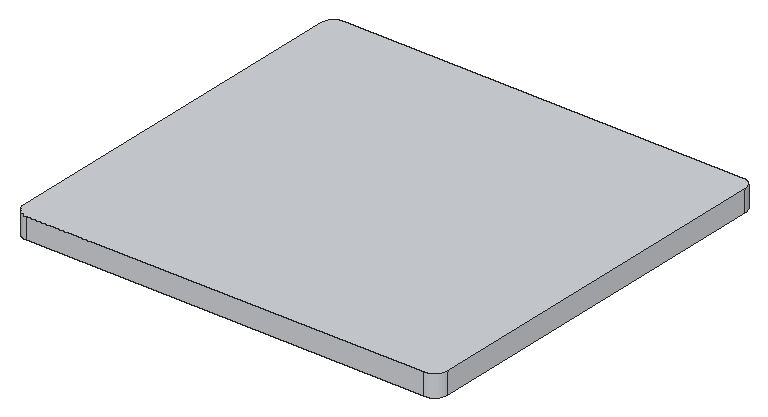
Revit family "Ученический стул", category Мебель, Revit 2019
Family settings
  Номер OmniClass = 23.40.20.00
  Заголовок OmniClass = General Furniture and Specialties
  На основе рабочей плоскости = Нет
  Всегда вертикально = Да
  При загрузке вырезать с полостями = Нет
  Общий = Нет
  Точка расчета площади = Нет
Parameters
  Сиденье_Ширина = 320 mm
  Сиденье_Глубина = 300 mm
Reference planes
  plane 1 "По центру (Вперед/Назад)": y = 0
  plane 2: z = 0
  plane 3 "По центру (Влево/Вправо)": x = 0
  plane 4: y = 150
  plane 5: x = 160
  plane 6: y = -150
  plane 7: x = -160
Forms (mm)
  Extrusion 1, solid
    sketch origin (0, 0, 0) x (1, 0, 0) y (0, 1, 0)
      loop
        line (150, 150) -> (-150, 150)
        arc (-150, 150) -> (-157.071, 147.071) -> (-160, 140) r 10
        line (-160, 140) -> (-160, -140)
        arc (-160, -140) -> (-157.071, -147.071) -> (-150, -150) r 10
        line (-150, -150) -> (150, -150)
        arc (150, -150) -> (157.071, -147.071) -> (160, -140) r 10
        line (160, -140) -> (160, 140)
        arc (160, 140) -> (157.071, 147.071) -> (150, 150) r 10
    from 0 to 16
Lines and regions (mm)
  model lines
    curve 1: arc (-130, 117.964, 0) -> (0, 146.539, 0) -> (130, 117.964, 0) r 310
Dimensions and locks
  equal spacing: plane 7, plane 3 "По центру (Влево/Вправо)", plane 5
  equal spacing: plane 4, plane 1 "По центру (Вперед/Назад)", plane 6
  "Сиденье_Ширина": plane 7 to plane 5
  "Сиденье_Глубина": plane 4 to plane 6
  Extrusion 1 to plane 2 = 16 mm
  locked: plane 4 to Extrusion 1 sketch curve at 10  (x2)
  locked: Extrusion 1 sketch curve to plane 5 at 10  (x2)
  locked: plane 7 to Extrusion 1 sketch curve at 10  (x2)
  locked: plane 6 to Extrusion 1 sketch curve at 10  (x2)
  aligned and locked: level to plane 2
  aligned and locked: plane 4 to Extrusion 1 sketch curve
  aligned and locked: plane 5 to Extrusion 1 sketch curve
  aligned and locked: plane 6 to Extrusion 1 sketch curve
  aligned and locked: plane 7 to Extrusion 1 sketch curve
Automatic sketch dimensions
  plane 3 "По центру (Влево/Вправо)" to curve 1 = 0 mm
  plane 6 to curve 1 = 13.461 mm
  curve 1 to plane 7 = 30 mm
  curve 1 to plane 5 = 30 mm
  curve 1 to plane 4 = 32.036 mm
